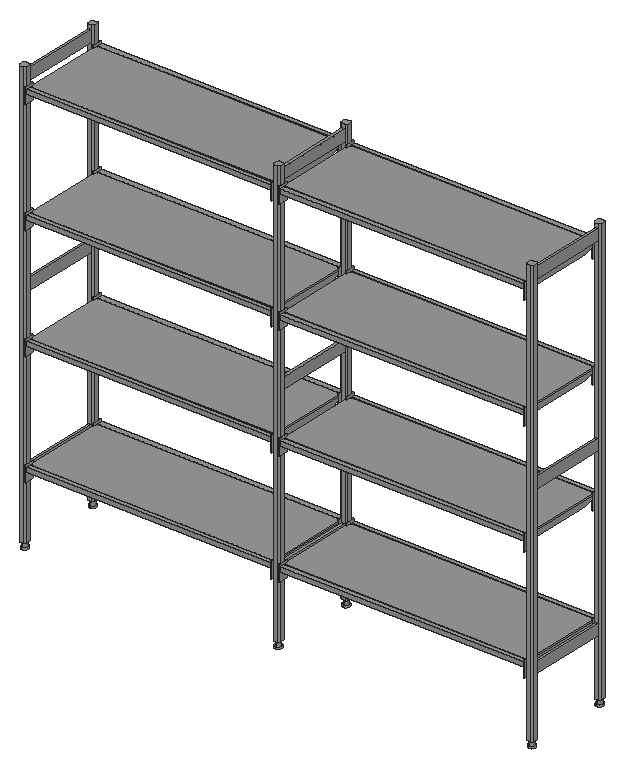
Revit family "QF_ZANUSSI_137024_ALS2048", category Attrezzature speciali, Revit 2020
Family settings
  Quota connettore circolare = Usa diametro
  Tipo di parte = Normale
  Basato su piano di lavoro = No
  Sempre verticale = Sì
  Taglio con vuoti quando caricato = No
  Condiviso = No
  Punto di calcolo locali = No
Parameters (values of type "Standard")
  Weight = 35.00 kg
  Watts = 0 W
  Volts = 0 V
  URL Manufacturer = "http://www.zanussiprofessional.com"
  URL = "http://www.zanussiprofessional.com"
  Steam Supply Size = 0 mm
  Steam Supply Minimum Pressure = 0.0 Pa
  Steam Supply Maximum Pressure = 0.0 Pa
  Steam Consumption per Hour = 0
  Refrigeration Suction Line Size = 0.0 mm
  Refrigeration Liquid Line Size = 0.0 mm
  Refrigerant Compressor Remote = yes
  Prospetto di default = 0.0 mm
  Phase = 0
  Modello = "ALS2048"
  Produttore = "Zanussi"
  Length Actual = 2048.0 mm  # constant formula
  Item Number = "137024"
  Hot Water Size = 0 mm
  Height Actual = 1700.0 mm  # constant formula
  HP = "0 HP"
  Gas Size = 0 mm
  Gas KW = 0
  Gas Input Pressure = 0 W
  Direct Waste Size = 0 mm
  Descrizione = "ALUM.LINEAR SHELV.-POLY.TIERS-373X2048MM"
  Depth Actual = 373.0 mm  # constant formula
  Cycle = 0 Hz
  Condensate Return Size = 0 mm
  Compressed Air Volume = 0.0 L/s
  Compressed Air Size = 0 mm
  Compressed Air Pressure = 0.0 Pa
  Cold Water Size = 0 mm
  Accessory = yes
Reference planes
  plane 1: z = 0
  plane 2 "CenterLeft": x = -31
  plane 3 "LEFT": x = -417
  plane 4 "BACK": y = 23
  plane 5 "FRONT": y = -350
  plane 6 "TOP": z = 1700
  plane 7: x = -385
  plane 8: x = 589
  plane 9 "Center (Front/Back)": y = -163.5
  plane 10: y = -8.5
  plane 11: y = -318.5
  plane 12 "FEET": z = 25
  plane 13: z = 275
  plane 14: z = 725
  plane 15: z = 1175
  plane 16: z = 1625
  plane 17 "CXLeft": x = -403
  plane 18 "Center (Left/Right)": x = 607
  plane 19: y = 5.5
  plane 20 "CYBack": y = 5.5
  plane 21 "CYFront": y = -332.5
  plane 22 "RIGHT": x = 1631
  plane 23: x = 1599
  plane 24 "CXRight": x = 1617
  plane 25: x = 625
Forms (mm)
  Extrusion 1, solid, material "QF_Aluminum"
    sketch origin (-417, 0, -4.006) x (0, 1, 0) y (0, 0, 1)
      loop
        line (-12, 1637.003) -> (4, 1637.003) -> (4, 1655) -> (2.007, 1655) -> (2.007, 1648.501) -> (-329, 1648.501) -> (-329, 1655) -> (-331, 1655) -> (-331, 1637.003) -> (-315, 1637.003) -> (-281, 1625) -> (-46, 1625) -> (-12, 1637.003)
      loop
        line (-12, 1187.003) -> (4, 1187.003) -> (4, 1205) -> (2.007, 1205) -> (2.007, 1198.501) -> (-329, 1198.501) -> (-329, 1205) -> (-331, 1205) -> (-331, 1187.003) -> (-315, 1187.003) -> (-281, 1175) -> (-46, 1175) -> (-12, 1187.003)
      loop
        line (-12, 737.003) -> (4, 737.003) -> (4, 755) -> (2.007, 755) -> (2.007, 748.501) -> (-329, 748.501) -> (-329, 755) -> (-331, 755) -> (-331, 737.003) -> (-315, 737.003) -> (-281, 725) -> (-46, 725) -> (-12, 737.003)
      loop
        line (-12, 287.003) -> (4, 287.003) -> (4, 305) -> (2.007, 305) -> (2.007, 298.501) -> (-329, 298.501) -> (-329, 305) -> (-331, 305) -> (-331, 287.003) -> (-315, 287.003) -> (-281, 275) -> (-46, 275) -> (-12, 287.003)
    from 37 to 32
  Extrusion 2, solid, material "QF_Aluminum"
    sketch origin (-417, 0, 0) x (0, 1, 0) y (0, 0, 1)
      loop
        line (23, 246.005) -> (23, 307.993) -> (-12.993, 307.993) -> (-12.993, 246.005) -> (23, 246.005)
      loop
        line (-350, 246.005) -> (-314.007, 246.005) -> (-314.007, 307.993) -> (-350, 307.993) -> (-350, 246.005)
      loop
        line (23, 696.005) -> (23, 757.993) -> (-12.993, 757.993) -> (-12.993, 696.005) -> (23, 696.005)
      loop
        line (-350, 696.005) -> (-314.007, 696.005) -> (-314.007, 757.993) -> (-350, 757.993) -> (-350, 696.005)
      loop
        line (23, 1146.005) -> (23, 1207.993) -> (-12.993, 1207.993) -> (-12.993, 1146.005) -> (23, 1146.005)
      loop
        line (-350, 1146.005) -> (-314.007, 1146.005) -> (-314.007, 1207.993) -> (-350, 1207.993) -> (-350, 1146.005)
      loop
        line (23, 1596.005) -> (23, 1657.993) -> (-12.993, 1657.993) -> (-12.993, 1596.005) -> (23, 1596.005)
      loop
        line (-350, 1596.005) -> (-314.007, 1596.005) -> (-314.007, 1657.993) -> (-350, 1657.993) -> (-350, 1596.005)
    from 28 to 32
  Extrusion 3, solid, material "QF_Aluminum"
    sketch origin (-417, 0, 0) x (0, 1, 0) y (0, 0, 1)
      loop
        line (4, 1650.994) -> (4, 1632.998) -> (23, 1632.998) -> (23, 1650.994) -> (4, 1650.994)
      loop
        line (-331, 1650.994) -> (-350, 1650.994) -> (-350, 1632.998) -> (-331, 1632.998) -> (-331, 1650.994)
      loop
        line (4, 1200.994) -> (4, 1182.998) -> (23, 1182.998) -> (23, 1200.994) -> (4, 1200.994)
      loop
        line (-331, 1200.994) -> (-350, 1200.994) -> (-350, 1182.998) -> (-331, 1182.998) -> (-331, 1200.994)
      loop
        line (4, 750.994) -> (4, 732.998) -> (23, 732.998) -> (23, 750.994) -> (4, 750.994)
      loop
        line (-331, 750.994) -> (-350, 750.994) -> (-350, 732.998) -> (-331, 732.998) -> (-331, 750.994)
      loop
        line (4, 300.994) -> (4, 282.998) -> (23, 282.998) -> (23, 300.994) -> (4, 300.994)
      loop
        line (-331, 300.994) -> (-350, 300.994) -> (-350, 282.998) -> (-331, 282.998) -> (-331, 300.994)
    from 32 to 1006
  Extrusion 4, solid, material "QF_Polyethylene"
    sketch origin (-417, 0, 0) x (0, 1, 0) y (0, 0, 1)
      loop
        line (2.007, 1650.994) -> (-329, 1650.994) -> (-329, 1644.496) -> (2.007, 1644.496) -> (2.007, 1650.994)
      loop
        line (2.007, 1200.994) -> (-329, 1200.994) -> (-329, 1194.496) -> (2.007, 1194.496) -> (2.007, 1200.994)
      loop
        line (2.007, 750.994) -> (-329, 750.994) -> (-329, 744.496) -> (2.007, 744.496) -> (2.007, 750.994)
      loop
        line (2.007, 300.994) -> (-329, 300.994) -> (-329, 294.496) -> (2.007, 294.496) -> (2.007, 300.994)
    from 32 to 1006
  Extrusion 5, solid, material "QF_Aluminum"
    sketch origin (1631, 0, 0) x (0, 1, 0) y (0, 0, 1)
      loop
        line (4, 1650.994) -> (4, 1632.998) -> (23, 1632.998) -> (23, 1650.994) -> (4, 1650.994)
      loop
        line (-331, 1650.994) -> (-350, 1650.994) -> (-350, 1632.998) -> (-331, 1632.998) -> (-331, 1650.994)
      loop
        line (4, 1200.994) -> (4, 1182.998) -> (23, 1182.998) -> (23, 1200.994) -> (4, 1200.994)
      loop
        line (-331, 1200.994) -> (-350, 1200.994) -> (-350, 1182.998) -> (-331, 1182.998) -> (-331, 1200.994)
      loop
        line (4, 750.994) -> (4, 732.998) -> (23, 732.998) -> (23, 750.994) -> (4, 750.994)
      loop
        line (-331, 750.994) -> (-350, 750.994) -> (-350, 732.998) -> (-331, 732.998) -> (-331, 750.994)
      loop
        line (4, 300.994) -> (4, 282.998) -> (23, 282.998) -> (23, 300.994) -> (4, 300.994)
      loop
        line (-331, 300.994) -> (-350, 300.994) -> (-350, 282.998) -> (-331, 282.998) -> (-331, 300.994)
    from -32 to -1006
  Extrusion 6, solid, material "QF_Polyethylene"
    sketch origin (1631, 0, 0) x (0, 1, 0) y (0, 0, 1)
      loop
        line (2.007, 1650.994) -> (-329, 1650.994) -> (-329, 1644.496) -> (2.007, 1644.496) -> (2.007, 1650.994)
      loop
        line (2.007, 1200.994) -> (-329, 1200.994) -> (-329, 1194.496) -> (2.007, 1194.496) -> (2.007, 1200.994)
      loop
        line (2.007, 750.994) -> (-329, 750.994) -> (-329, 744.496) -> (2.007, 744.496) -> (2.007, 750.994)
      loop
        line (2.007, 300.994) -> (-329, 300.994) -> (-329, 294.496) -> (2.007, 294.496) -> (2.007, 300.994)
    from -32 to -1006
Lines and regions (mm)
  symbolic lines
    curve 1: line (589, 4, 1700) -> (-385, 4, 1700)
    curve 2: line (-408, -8.5, 1700) -> (-408, -318.5, 1700)
    curve 3: line (-398, -318.5, 1700) -> (-398, -8.5, 1700)
    curve 4: line (-389, 23, 1700) -> (593, 23, 1700)
    curve 5: line (-385, -350, 1700) -> (589, -350, 1700)
    curve 6: line (621, 23, 1700) -> (1603, 23, 1700)
    curve 7: line (621, -350, 1700) -> (1603, -350, 1700)
    curve 8: line (-385, -331, 1700) -> (589, -331, 1700)
    curve 9: line (625, -331, 1700) -> (1599, -331, 1700)
    curve 10: line (625, 4, 1700) -> (1599, 4, 1700)
    curve 11: line (1599, -12.993, 1700) -> (1599, -314.007, 1700)
    curve 12: line (589, -12.993, 1700) -> (589, -314.007, 1700)
    curve 13: line (625, -314.007, 1700) -> (625, -12.993, 1700)
    curve 14: line (-385, -12.993, 1700) -> (-385, -314.007, 1700)
Dimensions and locks
  plane 3 "LEFT" to plane 2 "CenterLeft" = 386.0 mm
  locked: plane 6 "TOP" to level at 1700
  locked: plane 4 "BACK" to plane 5 "FRONT" at 373
  locked: plane 7 to plane 8 at 974
  locked: plane 10 to plane 11 at 310
  equal spacing: plane 10, plane 9 "Center (Front/Back)", plane 11
  equal spacing: plane 4 "BACK", plane 9 "Center (Front/Back)", plane 5 "FRONT"
  plane 12 "FEET" to level = 25.0 mm
  plane 6 "TOP" to plane 12 "FEET" = 1675.0 mm
  plane 13 to plane 12 "FEET" = 250.0 mm
  plane 14 to plane 13 = 450.0 mm
  plane 15 to plane 14 = 450.0 mm
  plane 16 to plane 15 = 450.0 mm
  locked: plane 4 "BACK" to plane 20 "CYBack" at 17.5
  locked: plane 21 "CYFront" to plane 5 "FRONT" at 17.5
  locked: plane 4 "BACK" to Extrusion 1 at 19
  locked: Extrusion 1 to plane 5 "FRONT" at 19
  Extrusion 1 sketch curve to plane 21 "CYFront" = 3.5 mm
  plane 3 "LEFT" to plane 22 "RIGHT" = 2048.0 mm
  locked: plane 25 to plane 23 at 974
  locked: plane 8 to plane 18 "Center (Left/Right)" at 18
  locked: plane 18 "Center (Left/Right)" to plane 25 at 18
  locked: plane 3 "LEFT" to plane 7 at 32
  locked: plane 24 "CXRight" to plane 22 "RIGHT" at 14
  aligned and locked: level to plane 1
  aligned and locked: plane 7 to Extrusion 1
  aligned and locked: Extrusion 2 to plane 7
  aligned and locked: plane 7 to Extrusion 4
  aligned and locked: Extrusion 4 to plane 8
  aligned and locked: plane 7 to Extrusion 3
  aligned and locked: Extrusion 3 to plane 8
  aligned and locked: Extrusion 3 sketch curve to Extrusion 1
  aligned and locked: Extrusion 1 to Extrusion 3 sketch curve
  aligned and locked: Extrusion 3 sketch curve to Extrusion 3 sketch curve  (x2)
  aligned and locked: Extrusion 1 sketch curve to Extrusion 1 sketch curve  (x3)
  aligned and locked: Extrusion 4 sketch curve to Extrusion 1  (x4)
  aligned and locked: Extrusion 5 sketch curve to Extrusion 5 sketch curve  (x2)
  aligned and locked: Extrusion 5 to plane 25
  aligned and locked: Extrusion 6 to plane 25
  aligned and locked: plane 18 "Center (Left/Right)" to nested 3
  aligned and locked: plane 17 "CXLeft" to nested 1
  aligned and locked: Extrusion 3 to plane 7  (x3)
  aligned and locked: plane 8 to Extrusion 3  (x4)
  aligned and locked: plane 25 to Extrusion 5  (x4)
  aligned and locked: plane 25 to Extrusion 6  (x4)
  aligned and locked: plane 8 to Extrusion 4  (x4)
  aligned and locked: plane 24 "CXRight" to nested 2
  aligned and locked: Extrusion 5 to plane 23
  aligned and locked: Extrusion 6 to plane 23
  aligned and locked: plane 23 to Extrusion 5  (x3)
  aligned and locked: plane 23 to Extrusion 6  (x3)
Automatic sketch dimensions
  plane 21 "CYFront" to Extrusion 1 sketch curve = 1.5 mm  (x4)
  plane 11 to Extrusion 1 sketch curve = 3.5 mm  (x4)
  Extrusion 1 sketch curve to plane 13 = 4.006 mm
  Extrusion 1 sketch curve to Extrusion 1 sketch curve = 34.0 mm  (x4)
  Extrusion 1 sketch curve to plane 14 = 4.006 mm
  Extrusion 1 sketch curve to plane 15 = 4.006 mm
  Extrusion 1 sketch curve to plane 16 = 4.006 mm
  Extrusion 1 sketch curve to plane 10 = 37.5 mm  (x4)
  Extrusion 1 sketch curve to plane 10 = 3.5 mm  (x4)
  plane 19 to Extrusion 1 sketch curve = 3.493 mm  (x4)
  plane 19 to Extrusion 1 sketch curve = 1.5 mm  (x4)
  plane 13 to Extrusion 1 sketch curve = 7.998 mm  (x2)
  Extrusion 1 sketch curve to Extrusion 1 sketch curve = 11.498 mm  (x4)
  Extrusion 1 sketch curve to Extrusion 1 sketch curve = 6.499 mm  (x8)
  plane 14 to Extrusion 1 sketch curve = 7.998 mm  (x2)
  plane 15 to Extrusion 1 sketch curve = 7.998 mm  (x2)
  plane 16 to Extrusion 1 sketch curve = 7.998 mm  (x2)
  Extrusion 2 sketch curve to plane 5 "FRONT" = 0.0 mm  (x4)
  Extrusion 2 sketch curve to plane 4 "BACK" = 0.0 mm  (x4)
  plane 11 to Extrusion 2 sketch curve = 4.493 mm  (x4)
  Extrusion 2 sketch curve to plane 10 = 4.493 mm  (x4)
  Extrusion 2 sketch curve to plane 13 = 28.995 mm  (x2)
  plane 13 to Extrusion 2 sketch curve = 32.993 mm  (x2)
  Extrusion 2 sketch curve to plane 14 = 28.995 mm  (x2)
  plane 14 to Extrusion 2 sketch curve = 32.993 mm  (x2)
  Extrusion 2 sketch curve to plane 15 = 28.995 mm  (x2)
  plane 15 to Extrusion 2 sketch curve = 32.993 mm  (x2)
  Extrusion 2 sketch curve to plane 16 = 28.995 mm  (x2)
  plane 16 to Extrusion 2 sketch curve = 32.993 mm  (x2)
  Extrusion 3 sketch curve to plane 5 "FRONT" = 0.0 mm  (x4)
  Extrusion 3 sketch curve to plane 4 "BACK" = 0.0 mm  (x4)
  plane 19 to Extrusion 3 sketch curve = 1.5 mm  (x4)
  plane 13 to Extrusion 3 sketch curve = 7.998 mm  (x2)
  Extrusion 3 sketch curve to Extrusion 3 sketch curve = 17.997 mm  (x8)
  plane 14 to Extrusion 3 sketch curve = 7.998 mm  (x2)
  plane 15 to Extrusion 3 sketch curve = 7.998 mm  (x2)
  plane 16 to Extrusion 3 sketch curve = 7.998 mm  (x2)
  plane 19 to Extrusion 4 sketch curve = 3.493 mm  (x4)
  plane 13 to Extrusion 4 sketch curve = 19.496 mm
  Extrusion 4 sketch curve to Extrusion 4 sketch curve = 6.499 mm  (x4)
  plane 14 to Extrusion 4 sketch curve = 19.496 mm
  plane 15 to Extrusion 4 sketch curve = 19.496 mm
  plane 16 to Extrusion 4 sketch curve = 19.496 mm
  Extrusion 5 sketch curve to plane 5 "FRONT" = 0.0 mm  (x4)
  Extrusion 5 sketch curve to plane 4 "BACK" = 0.0 mm  (x4)
  plane 21 "CYFront" to Extrusion 5 sketch curve = 1.5 mm  (x2)
  plane 19 to Extrusion 5 sketch curve = 1.5 mm  (x4)
  plane 13 to Extrusion 5 sketch curve = 7.998 mm  (x2)
  Extrusion 5 sketch curve to Extrusion 5 sketch curve = 17.997 mm  (x8)
  plane 14 to Extrusion 5 sketch curve = 7.998 mm  (x2)
  plane 15 to Extrusion 5 sketch curve = 7.998 mm  (x2)
  plane 16 to Extrusion 5 sketch curve = 7.998 mm  (x2)
  plane 21 "CYFront" to Extrusion 6 sketch curve = 3.5 mm  (x4)
  plane 19 to Extrusion 6 sketch curve = 3.493 mm  (x4)
  plane 13 to Extrusion 6 sketch curve = 19.496 mm
  Extrusion 6 sketch curve to Extrusion 6 sketch curve = 6.499 mm  (x4)
  plane 14 to Extrusion 6 sketch curve = 19.496 mm
  plane 15 to Extrusion 6 sketch curve = 19.496 mm
  plane 16 to Extrusion 6 sketch curve = 19.496 mm
  curve 7 to plane 5 "FRONT" = 0.0 mm
  curve 5 to plane 5 "FRONT" = 0.0 mm
  curve 8 to plane 8 = 0.0 mm
  curve 9 to plane 25 = 0.0 mm
  curve 9 to plane 23 = 0.0 mm
  curve 8 to plane 7 = 0.0 mm
  curve 2 to plane 11 = 0.0 mm
  curve 3 to plane 11 = 0.0 mm
  curve 14 to plane 7 = 0.0 mm
  curve 13 to plane 25 = 0.0 mm
  curve 12 to plane 8 = 0.0 mm
  curve 11 to plane 23 = 0.0 mm
  curve 3 to plane 10 = 0.0 mm
  curve 2 to plane 10 = 0.0 mm
  curve 1 to plane 8 = 0.0 mm
  curve 1 to plane 7 = 0.0 mm
  curve 10 to plane 23 = 0.0 mm
  curve 10 to plane 25 = 0.0 mm
  curve 4 to plane 4 "BACK" = 0.0 mm
  curve 6 to plane 4 "BACK" = 0.0 mm
  curve 5 to plane 8 = 0.0 mm
  curve 5 to plane 7 = 0.0 mm
  plane 21 "CYFront" to curve 8 = 1.5 mm
  plane 21 "CYFront" to curve 9 = 1.5 mm
  plane 11 to curve 14 = 4.493 mm
  plane 11 to curve 13 = 4.493 mm
  plane 11 to curve 12 = 4.493 mm
  plane 11 to curve 11 = 4.493 mm
  curve 14 to plane 10 = 4.493 mm
  curve 13 to plane 10 = 4.493 mm
  curve 12 to plane 10 = 4.493 mm
  curve 11 to plane 10 = 4.493 mm
  plane 19 to curve 1 = 1.5 mm
  plane 19 to curve 10 = 1.5 mm
  curve 6 to plane 23 = 4.0 mm
  curve 7 to plane 23 = 4.0 mm
  curve 6 to plane 25 = 4.0 mm
  curve 7 to plane 25 = 4.0 mm
  curve 4 to plane 8 = 4.0 mm
  plane 7 to curve 4 = 4.0 mm
  plane 17 "CXLeft" to curve 3 = 5.0 mm
  curve 2 to plane 17 "CXLeft" = 5.0 mm
Nested families
  nested 1: "WT_Anta373" at (0, 0, 0), type "WT_Anta373"
  nested 2: "WT_Anta373" at (1214, 0, 0) x (-1, 0, 0) z (0, 0, 1), type "WT_Anta373"
  nested 3: "WT_Anta373Center" at (1010, 0, 0), type "WT_Anta373Center"
Definition of nested family "WT_Anta373"
  Parameters
    WidthLeft = A + 64.0 mm  # 772.0 mm
    Width = 1606.0 mm
    Right = WidthLeft / 2  # 386.0 mm
    Default Elevation = 0.0 mm
    Left = -WidthLeft / 2  # -386.0 mm
    Height = 1725.0 mm
    FEET = 25.0 mm
    E = 0.0 mm
    Dint = Depth - 63.0 mm  # 310.0 mm
    Dext = Depth - 8.0 mm  # 365.0 mm
    Depth = 373.0 mm
    DX = (WidthLeft - A) / 2  # 32.0 mm
    B = 798.0 mm
    A = 708.0 mm
  Reference planes
    plane 1: z = 0
    plane 2 "LEFT": x = -417
    plane 3 "BACK": y = 23
    plane 4 "FRONT": y = -350
    plane 5 "TOP": z = 1725
    plane 6 "Center (Front/Back)": y = -163.5
    plane 7: y = -8.5
    plane 8: y = -318.5
    plane 9 "FEET": z = 25
    plane 10: z = 275
    plane 11: z = 725
    plane 12: z = 1175
    plane 13: z = 1625
    plane 14 "CXLeft": x = -403
    plane 15: y = 5.5
    plane 16 "CYBack": y = 5.5
    plane 17 "CYFront": y = -332.5
    plane 18: x = -385.031
    plane 19: x = -380.031
  Forms (mm)
    Extrusion 1, solid
      sketch origin (0, 0, 0) x (1, 0, 0) y (0, 1, 0)
        loop
          line (-417, 13.246) -> (-417, -2.246) -> (-410.746, -8.5) -> (-395.254, -8.5) -> (-389, -2.246) -> (-389, 13.246) -> (-395.254, 19.5) -> (-410.746, 19.5) -> (-417, 13.246)
      from 1725 to 25
    Extrusion 2, solid
      sketch origin (-417, 0, 0) x (0, 1, 0) y (0, 0, 1)
        loop
          line (23, 246.005) -> (23, 307.993) -> (-12.993, 307.993) -> (-12.993, 246.005) -> (23, 246.005)
        loop
          line (-350, 246.005) -> (-314.007, 246.005) -> (-314.007, 307.993) -> (-350, 307.993) -> (-350, 246.005)
        loop
          line (23, 696.005) -> (23, 757.993) -> (-12.993, 757.993) -> (-12.993, 696.005) -> (23, 696.005)
        loop
          line (-350, 696.005) -> (-314.007, 696.005) -> (-314.007, 757.993) -> (-350, 757.993) -> (-350, 696.005)
        loop
          line (23, 1146.005) -> (23, 1207.993) -> (-12.993, 1207.993) -> (-12.993, 1146.005) -> (23, 1146.005)
        loop
          line (-350, 1146.005) -> (-314.007, 1146.005) -> (-314.007, 1207.993) -> (-350, 1207.993) -> (-350, 1146.005)
        loop
          line (23, 1596.005) -> (23, 1657.993) -> (-12.993, 1657.993) -> (-12.993, 1596.005) -> (23, 1596.005)
        loop
          line (-350, 1596.005) -> (-314.007, 1596.005) -> (-314.007, 1657.993) -> (-350, 1657.993) -> (-350, 1596.005)
      from 28 to 32
    Revolve 3, solid
      sketch origin (-403, 0, 0) x (0, 1, 0) y (0, 0, 1)
        loop
          line (5.5, 25) -> (5.5, 0) -> (19, 0) -> (19, 5) -> (14, 5) -> (14, 25) -> (5.5, 25)
        axis (5.5, 25) -> (5.5, 0)
      angle from 0 to 360
    Extrusion 4, solid
      sketch origin (-403, 0, 0) x (0, 1, 0) y (0, 0, 1)
        loop
          line (-8.5, 912.382) -> (-8.5, 957.374) -> (-318.5, 957.374) -> (-318.5, 912.382) -> (-8.5, 912.382)
        loop
          line (-8.5, 1662.244) -> (-8.5, 1707.236) -> (-318.5, 1707.236) -> (-318.5, 1662.244) -> (-8.5, 1662.244)
      from -5 to 5
    Revolve 5, solid
      sketch origin (-403, -627, 0) x (0, -1, 0) y (0, 0, 1)
        loop
          line (-294.5, 25) -> (-294.5, 0) -> (-281, 0) -> (-281, 5) -> (-286, 5) -> (-286, 25) -> (-294.5, 25)
        axis (-294.5, 25) -> (-294.5, 0)
      angle from 0 to 360
    Extrusion 6, solid
      sketch origin (0, -627, 0) x (1, 0, 0) y (0, 1, 0)
        loop
          line (-417, 286.754) -> (-410.746, 280.5) -> (-395.254, 280.5) -> (-389, 286.754) -> (-389, 302.246) -> (-395.254, 308.5) -> (-410.746, 308.5) -> (-417, 302.246) -> (-417, 286.754)
      from 1725 to 25
    Extrusion 7, solid
      sketch origin (-417.031, -0.022, 0) x (0, 1, 0) y (0, 0, -1)
        loop
          line (-12, -1632.998) -> (-46, -1620.994) -> (-281, -1620.994) -> (-315, -1632.998) -> (-331, -1632.998) -> (-331, -1650.994) -> (-329, -1650.994) -> (-329, -1644.496) -> (2.007, -1644.496) -> (2.007, -1650.994) -> (4, -1650.994) -> (4, -1632.998) -> (-12, -1632.998)
        loop
          line (-12, -1182.998) -> (-46, -1170.994) -> (-281, -1170.994) -> (-315, -1182.998) -> (-331, -1182.998) -> (-331, -1200.994) -> (-329, -1200.994) -> (-329, -1194.496) -> (2.007, -1194.496) -> (2.007, -1200.994) -> (4, -1200.994) -> (4, -1182.998) -> (-12, -1182.998)
        loop
          line (-12, -732.998) -> (-46, -720.994) -> (-281, -720.994) -> (-315, -732.998) -> (-331, -732.998) -> (-331, -750.994) -> (-329, -750.994) -> (-329, -744.496) -> (2.007, -744.496) -> (2.007, -750.994) -> (4, -750.994) -> (4, -732.998) -> (-12, -732.998)
        loop
          line (-12, -282.998) -> (-46, -270.994) -> (-281, -270.994) -> (-315, -282.998) -> (-331, -282.998) -> (-331, -300.994) -> (-329, -300.994) -> (-329, -294.496) -> (2.007, -294.496) -> (2.007, -300.994) -> (4, -300.994) -> (4, -282.998) -> (-12, -282.998)
      from -32 to -37
    Extrusion 8, solid
      sketch origin (-403, 0, -659.878) x (0, 1, 0) y (0, 0, 1)
        loop
          line (-8.5, 912.382) -> (-8.5, 957.374) -> (-318.5, 957.374) -> (-318.5, 912.382) -> (-8.5, 912.382)
        loop
          line (-8.5, 1572.382) -> (-8.5, 1617.374) -> (-318.5, 1617.374) -> (-318.5, 1572.382) -> (-8.5, 1572.382)
        loop
          line (-8.5, 2322.382) -> (-8.5, 2367.374) -> (-318.5, 2367.374) -> (-318.5, 2322.382) -> (-8.5, 2322.382)
      from -5 to 5
  Lines and regions (mm)
    symbolic lines
      curve 1: line (-408, -8.5, 1725) -> (-408, -318.5, 1725)
      curve 2: line (-398, -318.5, 1725) -> (-398, -8.5, 1725)
      curve 3: line (-395.254, -8.5, 1725) -> (-410.746, -8.5, 1725)
      curve 4: line (-417, -2.246, 1725) -> (-410.746, -8.5, 1725)
      curve 5: line (-417, 13.246, 1725) -> (-417, -2.246, 1725)
      curve 6: line (-410.746, 19.5, 1725) -> (-417, 13.246, 1725)
      curve 7: line (-395.254, 19.5, 1725) -> (-410.746, 19.5, 1725)
      curve 8: line (-389, 13.246, 1725) -> (-395.254, 19.5, 1725)
      curve 9: line (-395.254, -8.5, 1725) -> (-389, -2.246, 1725)
      curve 10: line (-395.254, -318.5, 1725) -> (-410.746, -318.5, 1725)
      curve 11: line (-417, -324.754, 1725) -> (-410.746, -318.5, 1725)
      curve 12: line (-410.746, -346.5, 1725) -> (-417, -340.246, 1725)
      curve 13: line (-395.254, -346.5, 1725) -> (-410.746, -346.5, 1725)
      curve 14: line (-389, -340.246, 1725) -> (-395.254, -346.5, 1725)
      curve 15: line (-395.254, -318.5, 1725) -> (-389, -324.754, 1725)
      curve 16: line (-389, -350, 1725) -> (-389, -314.007, 1725)
      curve 17: line (-389, -314.007, 1725) -> (-385, -314.007, 1725)
      curve 18: line (-389, 23, 1725) -> (-389, -12.993, 1725)
      curve 19: line (-389, -12.993, 1725) -> (-385, -12.993, 1725)
      curve 20: line (-417, -324.754, 1725) -> (-417, -340.246, 1725)
      curve 21: line (-385, -350, 1725) -> (-385, -314.007, 1725)
      curve 22: line (-385, -350, 1725) -> (-389, -350, 1725)
      curve 23: line (-385, 23, 1725) -> (-389, 23, 1725)
      curve 24: line (-385, -12.993, 1725) -> (-385, 23, 1725)
      curve 25: line (-385.031, -13.016, 1725) -> (-385.031, -314.029, 1725)
  Dimensions and locks
    "Height": plane 5 "TOP" to level
    "Depth": plane 3 "BACK" to plane 4 "FRONT"
    "Dint": plane 7 to plane 8
    equal spacing: plane 7, plane 6 "Center (Front/Back)", plane 8
    equal spacing: plane 3 "BACK", plane 6 "Center (Front/Back)", plane 4 "FRONT"
    plane 9 "FEET" to level = 25.0 mm
    plane 5 "TOP" to plane 9 "FEET" = 1700.0 mm
    plane 10 to plane 9 "FEET" = 250.0 mm
    plane 11 to plane 10 = 450.0 mm
    plane 12 to plane 11 = 450.0 mm
    plane 13 to plane 12 = 450.0 mm
    locked: plane 2 "LEFT" to plane 14 "CXLeft" at 14
    locked: plane 3 "BACK" to plane 16 "CYBack" at 17.5
    locked: plane 17 "CYFront" to plane 4 "FRONT" at 17.5
    locked: Revolve 3 sketch curve to Revolve 3 sketch curve at 8.5
    locked: Revolve 3 sketch curve to plane 16 "CYBack" at 13.5
    locked: Revolve 5 sketch curve to Revolve 5 sketch curve at 8.5
    aligned and locked: level to plane 1
    aligned and locked: curve 20 to Extrusion 6
    aligned and locked: plane 5 "TOP" to Extrusion 1
    aligned and locked: plane 5 "TOP" to Extrusion 6
    aligned and locked: Extrusion 7 sketch curve to Extrusion 7 sketch curve  (x3)
  Automatic sketch dimensions
    curve 16 to plane 4 "FRONT" = 0.0 mm
    curve 11 to plane 8 = 0.0 mm
    curve 9 to plane 7 = 0.0 mm
    curve 5 to plane 2 "LEFT" = 0.0 mm
    curve 23 to plane 3 "BACK" = 0.0 mm
    plane 4 "FRONT" to curve 13 = 3.5 mm
    curve 20 to plane 17 "CYFront" = 7.746 mm
    curve 20 to plane 8 = 6.254 mm
    plane 8 to curve 16 = 4.493 mm
    curve 24 to plane 18 = 0.031 mm
    curve 24 to plane 7 = 4.493 mm
    plane 7 to curve 5 = 6.254 mm
    curve 5 to plane 15 = 7.746 mm
    curve 6 to plane 3 "BACK" = 3.5 mm
    curve 21 to plane 18 = 0.031 mm
    plane 18 to curve 23 = 3.969 mm
    plane 18 to curve 16 = 3.969 mm
    curve 18 to curve 8 = 6.254 mm
    curve 18 to curve 3 = 6.254 mm
    curve 16 to curve 13 = 6.254 mm
    curve 16 to curve 15 = 6.254 mm
    plane 2 "LEFT" to curve 10 = 6.254 mm
    plane 2 "LEFT" to curve 7 = 6.254 mm
    plane 2 "LEFT" to curve 12 = 6.254 mm
    plane 2 "LEFT" to curve 3 = 6.254 mm
    curve 14 to plane 17 "CYFront" = 7.746 mm
    curve 15 to plane 8 = 6.254 mm
    plane 7 to curve 9 = 6.254 mm
    curve 8 to plane 15 = 7.746 mm
    curve 3 to curve 2 = 2.746 mm
    curve 1 to curve 10 = 2.746 mm
    Extrusion 1 sketch curve to plane 2 "LEFT" = 0.0 mm
    Extrusion 1 sketch curve to plane 7 = 0.0 mm
    plane 2 "LEFT" to Extrusion 1 sketch curve = 6.254 mm  (x2)
    plane 14 "CXLeft" to Extrusion 1 sketch curve = 7.746 mm  (x2)
    Extrusion 1 sketch curve to plane 3 "BACK" = 3.5 mm
    plane 18 to Extrusion 1 sketch curve = 3.969 mm
    plane 7 to Extrusion 1 sketch curve = 6.254 mm  (x2)
    Extrusion 1 sketch curve to plane 15 = 7.746 mm  (x2)
    Extrusion 2 sketch curve to plane 4 "FRONT" = 0.0 mm  (x4)
    Extrusion 2 sketch curve to plane 3 "BACK" = 0.0 mm  (x4)
    plane 8 to Extrusion 2 sketch curve = 4.493 mm  (x4)
    Extrusion 2 sketch curve to plane 7 = 4.493 mm  (x4)
    Extrusion 2 sketch curve to plane 10 = 28.995 mm  (x2)
    plane 10 to Extrusion 2 sketch curve = 32.993 mm  (x2)
    Extrusion 2 sketch curve to plane 11 = 28.995 mm  (x2)
    plane 11 to Extrusion 2 sketch curve = 32.993 mm  (x2)
    Extrusion 2 sketch curve to plane 12 = 28.995 mm  (x2)
    plane 12 to Extrusion 2 sketch curve = 32.993 mm  (x2)
    Extrusion 2 sketch curve to plane 13 = 28.995 mm  (x2)
    plane 13 to Extrusion 2 sketch curve = 32.993 mm  (x2)
    Revolve 3 sketch curve to plane 9 "FEET" = 0.0 mm  (x2)
    Revolve 3 sketch curve to plane 15 = 0.0 mm  (x2)
    Revolve 3 sketch curve to level = 0.0 mm
    level to Revolve 3 sketch curve = 5.0 mm
    Revolve 3 sketch curve to Revolve 3 sketch curve = 11.655 mm
    Extrusion 4 sketch curve to plane 8 = 0.0 mm  (x2)
    Extrusion 4 sketch curve to plane 7 = 0.0 mm  (x2)
    plane 11 to Extrusion 4 sketch curve = 187.382 mm
    Extrusion 4 sketch curve to Extrusion 4 sketch curve = 44.992 mm
    plane 13 to Extrusion 4 sketch curve = 37.244 mm
    Extrusion 4 sketch curve to plane 5 "TOP" = 17.764 mm
    Revolve 5 sketch curve to plane 9 "FEET" = 0.0 mm  (x2)
    Revolve 5 sketch curve to plane 17 "CYFront" = 0.0 mm  (x2)
    Revolve 5 sketch curve to level = 0.0 mm
    Revolve 5 sketch curve to plane 4 "FRONT" = 4.0 mm
    Revolve 5 sketch curve to Revolve 5 sketch curve = 5.0 mm
    level to Revolve 5 sketch curve = 11.655 mm
    Extrusion 6 sketch curve to plane 2 "LEFT" = 0.0 mm
    Extrusion 6 sketch curve to plane 8 = 0.0 mm
    Extrusion 6 sketch curve to plane 2 "LEFT" = 6.254 mm  (x2)
    Extrusion 6 sketch curve to plane 14 "CXLeft" = 7.746 mm  (x2)
    Extrusion 6 sketch curve to plane 4 "FRONT" = 3.5 mm
    Extrusion 6 sketch curve to plane 18 = 3.969 mm
    plane 8 to Extrusion 6 sketch curve = 6.254 mm  (x2)
    plane 17 "CYFront" to Extrusion 6 sketch curve = 7.746 mm  (x2)
    plane 17 "CYFront" to Extrusion 7 sketch curve = 1.478 mm  (x4)
    Extrusion 7 sketch curve to Extrusion 7 sketch curve = 2.0 mm
    plane 8 to Extrusion 7 sketch curve = 3.478 mm  (x4)
    Extrusion 7 sketch curve to plane 10 = 4.006 mm
    Extrusion 7 sketch curve to Extrusion 7 sketch curve = 34.0 mm  (x4)
    Extrusion 7 sketch curve to plane 11 = 4.006 mm
    Extrusion 7 sketch curve to plane 12 = 4.006 mm
    Extrusion 7 sketch curve to plane 13 = 4.006 mm
    Extrusion 7 sketch curve to plane 7 = 37.522 mm  (x4)
    Extrusion 7 sketch curve to plane 7 = 3.522 mm  (x4)
    plane 15 to Extrusion 7 sketch curve = 3.516 mm  (x4)
    plane 15 to Extrusion 7 sketch curve = 1.522 mm  (x4)
    plane 13 to Extrusion 7 sketch curve = 7.998 mm  (x2)
    Extrusion 7 sketch curve to Extrusion 7 sketch curve = 11.498 mm
    Extrusion 7 sketch curve to Extrusion 7 sketch curve = 6.499 mm  (x5)
    plane 12 to Extrusion 7 sketch curve = 25.994 mm  (x2)
    plane 12 to Extrusion 7 sketch curve = 7.998 mm  (x2)
    plane 11 to Extrusion 7 sketch curve = 25.994 mm  (x2)
    plane 11 to Extrusion 7 sketch curve = 7.998 mm  (x2)
    plane 10 to Extrusion 7 sketch curve = 25.994 mm  (x2)
    plane 10 to Extrusion 7 sketch curve = 7.998 mm  (x2)
    curve 25 to plane 18 = 0.0 mm
    plane 8 to curve 25 = 4.471 mm
    curve 25 to plane 7 = 4.516 mm
    Extrusion 8 sketch curve to plane 8 = 0.0 mm  (x3)
    Extrusion 8 sketch curve to plane 7 = 0.0 mm  (x3)
    Extrusion 8 sketch curve to plane 10 = 22.496 mm
    plane 10 to Extrusion 8 sketch curve = 22.496 mm
    plane 11 to Extrusion 8 sketch curve = 187.504 mm
    Extrusion 8 sketch curve to Extrusion 8 sketch curve = 44.992 mm
    plane 13 to Extrusion 8 sketch curve = 37.504 mm
    Extrusion 8 sketch curve to plane 5 "TOP" = 17.504 mm
Definition of nested family "WT_Anta373Center"
  Parameters
    WidthLeft = A + 64.0 mm  # 772.0 mm
    Width = 1606.0 mm
    Right = WidthLeft / 2  # 386.0 mm
    Default Elevation = 0.0 mm
    Left = -WidthLeft / 2  # -386.0 mm
    Height = 1725.0 mm
    FEET = 25.0 mm
    E = 0.0 mm
    Dint = Depth - 63.0 mm  # 310.0 mm
    Dext = Depth - 8.0 mm  # 365.0 mm
    Depth = 373.0 mm
    DX = (WidthLeft - A) / 2  # 32.0 mm
    B = 798.0 mm
    A = 708.0 mm
  Reference planes
    plane 1: z = 0
    plane 2 "L": x = -417
    plane 3 "BACK": y = 23
    plane 4 "FRONT": y = -350
    plane 5 "TOP": z = 1725
    plane 6 "Center (Front/Back)": y = -163.5
    plane 7: y = -8.5
    plane 8: y = -318.5
    plane 9 "FEET": z = 25
    plane 10: z = 275
    plane 11: z = 725
    plane 12: z = 1175
    plane 13: z = 1625
    plane 14 "CXLeft": x = -403
    plane 15: y = 5.5
    plane 16 "CYBack": y = 5.5
    plane 17 "CYFront": y = -332.5
    plane 18: x = -385.031
    plane 19 "RIGHT": x = -380.031
    plane 20: x = -420.969
    plane 21 "LEFT": x = -425.969
  Forms (mm)
    Extrusion 1, solid
      sketch origin (0, 0, 0) x (1, 0, 0) y (0, 1, 0)
        loop
          line (-417, 13.246) -> (-417, -2.246) -> (-410.746, -8.5) -> (-395.254, -8.5) -> (-389, -2.246) -> (-389, 13.246) -> (-395.254, 19.5) -> (-410.746, 19.5) -> (-417, 13.246)
      from 1725 to 25
    Extrusion 2, solid
      sketch origin (-417, 0, 0) x (0, 1, 0) y (0, 0, 1)
        loop
          line (23, 246.005) -> (23, 307.993) -> (-12.993, 307.993) -> (-12.993, 246.005) -> (23, 246.005)
        loop
          line (-350, 246.005) -> (-314.007, 246.005) -> (-314.007, 307.993) -> (-350, 307.993) -> (-350, 246.005)
        loop
          line (23, 696.005) -> (23, 757.993) -> (-12.993, 757.993) -> (-12.993, 696.005) -> (23, 696.005)
        loop
          line (-350, 696.005) -> (-314.007, 696.005) -> (-314.007, 757.993) -> (-350, 757.993) -> (-350, 696.005)
        loop
          line (23, 1146.005) -> (23, 1207.993) -> (-12.993, 1207.993) -> (-12.993, 1146.005) -> (23, 1146.005)
        loop
          line (-350, 1146.005) -> (-314.007, 1146.005) -> (-314.007, 1207.993) -> (-350, 1207.993) -> (-350, 1146.005)
        loop
          line (23, 1596.005) -> (23, 1657.993) -> (-12.993, 1657.993) -> (-12.993, 1596.005) -> (23, 1596.005)
        loop
          line (-350, 1596.005) -> (-314.007, 1596.005) -> (-314.007, 1657.993) -> (-350, 1657.993) -> (-350, 1596.005)
      from 28 to 32
    Revolve 3, solid
      sketch origin (-403, 0, 0) x (0, 1, 0) y (0, 0, 1)
        loop
          line (5.5, 25) -> (5.5, 0) -> (19, 0) -> (19, 5) -> (14, 5) -> (14, 25) -> (5.5, 25)
        axis (5.5, 25) -> (5.5, 0)
      angle from 0 to 360
    Extrusion 4, solid
      sketch origin (-403, 0, 0) x (0, 1, 0) y (0, 0, 1)
        loop
          line (-8.5, 912.382) -> (-8.5, 957.374) -> (-318.5, 957.374) -> (-318.5, 912.382) -> (-8.5, 912.382)
        loop
          line (-8.5, 1662.244) -> (-8.5, 1707.236) -> (-318.5, 1707.236) -> (-318.5, 1662.244) -> (-8.5, 1662.244)
      from -5 to 5
    Revolve 5, solid
      sketch origin (-403, -627, 0) x (0, -1, 0) y (0, 0, 1)
        loop
          line (-294.5, 25) -> (-294.5, 0) -> (-281, 0) -> (-281, 5) -> (-286, 5) -> (-286, 25) -> (-294.5, 25)
        axis (-294.5, 25) -> (-294.5, 0)
      angle from 0 to 360
    Extrusion 6, solid
      sketch origin (0, -627, 0) x (1, 0, 0) y (0, 1, 0)
        loop
          line (-417, 286.754) -> (-410.746, 280.5) -> (-395.254, 280.5) -> (-389, 286.754) -> (-389, 302.246) -> (-395.254, 308.5) -> (-410.746, 308.5) -> (-417, 302.246) -> (-417, 286.754)
      from 1725 to 25
    Extrusion 7, solid
      sketch origin (-417.031, -0.022, 0) x (0, 1, 0) y (0, 0, -1)
        loop
          line (-12, -1632.998) -> (-46, -1620.994) -> (-281, -1620.994) -> (-315, -1632.998) -> (-331, -1632.998) -> (-331, -1650.994) -> (-329, -1650.994) -> (-329, -1644.496) -> (2.007, -1644.496) -> (2.007, -1650.994) -> (4, -1650.994) -> (4, -1632.998) -> (-12, -1632.998)
        loop
          line (-12, -1182.998) -> (-46, -1170.994) -> (-281, -1170.994) -> (-315, -1182.998) -> (-331, -1182.998) -> (-331, -1200.994) -> (-329, -1200.994) -> (-329, -1194.496) -> (2.007, -1194.496) -> (2.007, -1200.994) -> (4, -1200.994) -> (4, -1182.998) -> (-12, -1182.998)
        loop
          line (-12, -732.998) -> (-46, -720.994) -> (-281, -720.994) -> (-315, -732.998) -> (-331, -732.998) -> (-331, -750.994) -> (-329, -750.994) -> (-329, -744.496) -> (2.007, -744.496) -> (2.007, -750.994) -> (4, -750.994) -> (4, -732.998) -> (-12, -732.998)
        loop
          line (-12, -282.998) -> (-46, -270.994) -> (-281, -270.994) -> (-315, -282.998) -> (-331, -282.998) -> (-331, -300.994) -> (-329, -300.994) -> (-329, -294.496) -> (2.007, -294.496) -> (2.007, -300.994) -> (4, -300.994) -> (4, -282.998) -> (-12, -282.998)
      from -32 to -37
    Extrusion 8, solid
      sketch origin (-403, 0, -659.878) x (0, 1, 0) y (0, 0, 1)
        loop
          line (-8.5, 912.382) -> (-8.5, 957.374) -> (-318.5, 957.374) -> (-318.5, 912.382) -> (-8.5, 912.382)
        loop
          line (-8.5, 1572.382) -> (-8.5, 1617.374) -> (-318.5, 1617.374) -> (-318.5, 1572.382) -> (-8.5, 1572.382)
        loop
          line (-8.5, 2322.382) -> (-8.5, 2367.374) -> (-318.5, 2367.374) -> (-318.5, 2322.382) -> (-8.5, 2322.382)
      from -5 to 5
    Extrusion 9, solid
      sketch origin (-389, 0, 0) x (0, 1, 0) y (0, 0, -1)
        loop
          line (23, -246.005) -> (-12.993, -246.005) -> (-12.993, -307.993) -> (23, -307.993) -> (23, -246.005)
        loop
          line (-350, -246.005) -> (-350, -307.993) -> (-314.007, -307.993) -> (-314.007, -246.005) -> (-350, -246.005)
        loop
          line (23, -696.005) -> (-12.993, -696.005) -> (-12.993, -757.993) -> (23, -757.993) -> (23, -696.005)
        loop
          line (-350, -696.005) -> (-350, -757.993) -> (-314.007, -757.993) -> (-314.007, -696.005) -> (-350, -696.005)
        loop
          line (23, -1146.005) -> (-12.993, -1146.005) -> (-12.993, -1207.993) -> (23, -1207.993) -> (23, -1146.005)
        loop
          line (-350, -1146.005) -> (-350, -1207.993) -> (-314.007, -1207.993) -> (-314.007, -1146.005) -> (-350, -1146.005)
        loop
          line (23, -1596.005) -> (-12.993, -1596.005) -> (-12.993, -1657.993) -> (23, -1657.993) -> (23, -1596.005)
        loop
          line (-350, -1596.005) -> (-350, -1657.993) -> (-314.007, -1657.993) -> (-314.007, -1596.005) -> (-350, -1596.005)
      from 28 to 32
    Extrusion 10, solid
      sketch origin (-388.969, -0.022, 0) x (0, 1, 0) y (0, 0, 1)
        loop
          line (-12, 1632.998) -> (4, 1632.998) -> (4, 1650.994) -> (2.007, 1650.994) -> (2.007, 1644.496) -> (-329, 1644.496) -> (-329, 1650.994) -> (-331, 1650.994) -> (-331, 1632.998) -> (-315, 1632.998) -> (-281, 1620.994) -> (-46, 1620.994) -> (-12, 1632.998)
        loop
          line (-12, 1182.998) -> (4, 1182.998) -> (4, 1200.994) -> (2.007, 1200.994) -> (2.007, 1194.496) -> (-329, 1194.496) -> (-329, 1200.994) -> (-331, 1200.994) -> (-331, 1182.998) -> (-315, 1182.998) -> (-281, 1170.994) -> (-46, 1170.994) -> (-12, 1182.998)
        loop
          line (-12, 732.998) -> (4, 732.998) -> (4, 750.994) -> (2.007, 750.994) -> (2.007, 744.496) -> (-329, 744.496) -> (-329, 750.994) -> (-331, 750.994) -> (-331, 732.998) -> (-315, 732.998) -> (-281, 720.994) -> (-46, 720.994) -> (-12, 732.998)
        loop
          line (-12, 282.998) -> (4, 282.998) -> (4, 300.994) -> (2.007, 300.994) -> (2.007, 294.496) -> (-329, 294.496) -> (-329, 300.994) -> (-331, 300.994) -> (-331, 282.998) -> (-315, 282.998) -> (-281, 270.994) -> (-46, 270.994) -> (-12, 282.998)
      from -32 to -37
  Lines and regions (mm)
    symbolic lines
      curve 1: line (-408, -8.5, 1725) -> (-408, -318.5, 1725)
      curve 2: line (-398, -318.5, 1725) -> (-398, -8.5, 1725)
      curve 3: line (-395.254, -8.5, 1725) -> (-410.746, -8.5, 1725)
      curve 4: line (-417, -2.246, 1725) -> (-410.746, -8.5, 1725)
      curve 5: line (-410.746, 19.5, 1725) -> (-417, 13.246, 1725)
      curve 6: line (-395.254, 19.5, 1725) -> (-410.746, 19.5, 1725)
      curve 7: line (-389, 13.246, 1725) -> (-395.254, 19.5, 1725)
      curve 8: line (-395.254, -8.5, 1725) -> (-389, -2.246, 1725)
      curve 9: line (-395.254, -318.5, 1725) -> (-410.746, -318.5, 1725)
      curve 10: line (-417, -324.754, 1725) -> (-410.746, -318.5, 1725)
      curve 11: line (-410.746, -346.5, 1725) -> (-417, -340.246, 1725)
      curve 12: line (-395.254, -346.5, 1725) -> (-410.746, -346.5, 1725)
      curve 13: line (-389, -340.246, 1725) -> (-395.254, -346.5, 1725)
      curve 14: line (-395.254, -318.5, 1725) -> (-389, -324.754, 1725)
      curve 15: line (-389, -350, 1725) -> (-389, -314.007, 1725)
      curve 16: line (-389, -314.007, 1725) -> (-385, -314.007, 1725)
      curve 17: line (-389, 23, 1725) -> (-389, -12.993, 1725)
      curve 18: line (-389, -12.993, 1725) -> (-385, -12.993, 1725)
      curve 19: line (-385, -350, 1725) -> (-385, -314.007, 1725)
      curve 20: line (-385, -350, 1725) -> (-389, -350, 1725)
      curve 21: line (-385, 23, 1725) -> (-389, 23, 1725)
      curve 22: line (-385, -12.993, 1725) -> (-385, 23, 1725)
      curve 23: line (-385.031, -13.016, 1725) -> (-385.031, -314.029, 1725)
      curve 24: line (-417, -350, 1725) -> (-417, -314.007, 1725)
      curve 25: line (-417, -314.007, 1725) -> (-421, -314.007, 1725)
      curve 26: line (-417, 23, 1725) -> (-417, -12.993, 1725)
      curve 27: line (-417, -12.993, 1725) -> (-421, -12.993, 1725)
      curve 28: line (-421, -350, 1725) -> (-421, -314.007, 1725)
      curve 29: line (-421, -350, 1725) -> (-417, -350, 1725)
      curve 30: line (-421, 23, 1725) -> (-417, 23, 1725)
      curve 31: line (-421, -12.993, 1725) -> (-421, 23, 1725)
      curve 32: line (-420.969, -13.016, 1725) -> (-420.969, -314.029, 1725)
  Dimensions and locks
    "Height": plane 5 "TOP" to level
    "Depth": plane 3 "BACK" to plane 4 "FRONT"
    "Dint": plane 7 to plane 8
    equal spacing: plane 7, plane 6 "Center (Front/Back)", plane 8
    equal spacing: plane 3 "BACK", plane 6 "Center (Front/Back)", plane 4 "FRONT"
    plane 9 "FEET" to level = 25.0 mm
    plane 5 "TOP" to plane 9 "FEET" = 1700.0 mm
    plane 10 to plane 9 "FEET" = 250.0 mm
    plane 11 to plane 10 = 450.0 mm
    plane 12 to plane 11 = 450.0 mm
    plane 13 to plane 12 = 450.0 mm
    locked: plane 3 "BACK" to plane 16 "CYBack" at 17.5
    locked: plane 17 "CYFront" to plane 4 "FRONT" at 17.5
    locked: Revolve 3 sketch curve to Revolve 3 sketch curve at 8.5
    locked: Revolve 3 sketch curve to plane 16 "CYBack" at 13.5
    locked: Revolve 5 sketch curve to Revolve 5 sketch curve at 8.5
    aligned and locked: level to plane 1
    aligned and locked: plane 5 "TOP" to Extrusion 1
    aligned and locked: plane 5 "TOP" to Extrusion 6
    aligned and locked: Extrusion 7 sketch curve to Extrusion 7 sketch curve  (x3)
    aligned and locked: Extrusion 10 sketch curve to Extrusion 10 sketch curve  (x3)
  Automatic sketch dimensions
    curve 15 to plane 4 "FRONT" = 0.0 mm
    curve 28 to plane 4 "FRONT" = 0.0 mm
    curve 9 to plane 8 = 0.0 mm
    curve 25 to plane 2 "L" = 0.0 mm
    curve 8 to plane 7 = 0.0 mm
    curve 17 to plane 3 "BACK" = 0.0 mm
    curve 30 to plane 3 "BACK" = 0.0 mm
    plane 4 "FRONT" to curve 11 = 3.5 mm
    curve 19 to plane 18 = 0.031 mm
    plane 8 to curve 19 = 4.493 mm
    plane 8 to curve 25 = 4.493 mm
    curve 27 to plane 20 = 0.031 mm
    curve 27 to plane 7 = 4.493 mm
    curve 17 to plane 7 = 4.493 mm
    curve 5 to plane 15 = 7.746 mm
    curve 7 to plane 3 "BACK" = 3.5 mm
    curve 18 to plane 18 = 0.031 mm
    plane 18 to curve 21 = 3.969 mm
    plane 18 to curve 20 = 3.969 mm
    curve 15 to curve 9 = 6.254 mm
    curve 17 to curve 7 = 6.254 mm
    curve 17 to curve 3 = 6.254 mm
    curve 15 to curve 12 = 6.254 mm
    plane 2 "L" to curve 12 = 6.254 mm
    plane 2 "L" to curve 4 = 6.254 mm
    plane 2 "L" to curve 10 = 6.254 mm
    plane 2 "L" to curve 5 = 6.254 mm
    curve 28 to plane 20 = 0.031 mm
    curve 13 to plane 17 "CYFront" = 7.746 mm
    curve 14 to plane 8 = 6.254 mm
    plane 7 to curve 8 = 6.254 mm
    curve 7 to plane 15 = 7.746 mm
    curve 9 to curve 2 = 2.746 mm
    curve 1 to curve 9 = 2.746 mm
    Extrusion 1 sketch curve to plane 2 "L" = 0.0 mm
    Extrusion 1 sketch curve to plane 7 = 0.0 mm
    plane 2 "L" to Extrusion 1 sketch curve = 6.254 mm  (x2)
    plane 14 "CXLeft" to Extrusion 1 sketch curve = 7.746 mm  (x2)
    Extrusion 1 sketch curve to plane 3 "BACK" = 3.5 mm
    plane 18 to Extrusion 1 sketch curve = 3.969 mm
    plane 7 to Extrusion 1 sketch curve = 6.254 mm  (x2)
    Extrusion 1 sketch curve to plane 15 = 7.746 mm  (x2)
    Extrusion 2 sketch curve to plane 4 "FRONT" = 0.0 mm  (x4)
    Extrusion 2 sketch curve to plane 3 "BACK" = 0.0 mm  (x4)
    plane 8 to Extrusion 2 sketch curve = 4.493 mm  (x4)
    Extrusion 2 sketch curve to plane 7 = 4.493 mm  (x4)
    Extrusion 2 sketch curve to plane 10 = 28.995 mm  (x2)
    plane 10 to Extrusion 2 sketch curve = 32.993 mm  (x2)
    Extrusion 2 sketch curve to plane 11 = 28.995 mm  (x2)
    plane 11 to Extrusion 2 sketch curve = 32.993 mm  (x2)
    Extrusion 2 sketch curve to plane 12 = 28.995 mm  (x2)
    plane 12 to Extrusion 2 sketch curve = 32.993 mm  (x2)
    Extrusion 2 sketch curve to plane 13 = 28.995 mm  (x2)
    plane 13 to Extrusion 2 sketch curve = 32.993 mm  (x2)
    Revolve 3 sketch curve to plane 9 "FEET" = 0.0 mm  (x2)
    Revolve 3 sketch curve to plane 15 = 0.0 mm  (x2)
    Revolve 3 sketch curve to level = 0.0 mm
    level to Revolve 3 sketch curve = 5.0 mm
    Revolve 3 sketch curve to Revolve 3 sketch curve = 11.655 mm
    Extrusion 4 sketch curve to plane 8 = 0.0 mm  (x2)
    Extrusion 4 sketch curve to plane 7 = 0.0 mm  (x2)
    plane 11 to Extrusion 4 sketch curve = 187.382 mm
    Extrusion 4 sketch curve to Extrusion 4 sketch curve = 44.992 mm
    plane 13 to Extrusion 4 sketch curve = 37.244 mm
    Extrusion 4 sketch curve to plane 5 "TOP" = 17.764 mm
    Revolve 5 sketch curve to plane 9 "FEET" = 0.0 mm  (x2)
    Revolve 5 sketch curve to plane 17 "CYFront" = 0.0 mm  (x2)
    Revolve 5 sketch curve to level = 0.0 mm
    Revolve 5 sketch curve to plane 4 "FRONT" = 4.0 mm
    Revolve 5 sketch curve to Revolve 5 sketch curve = 5.0 mm
    level to Revolve 5 sketch curve = 11.655 mm
    Extrusion 6 sketch curve to plane 2 "L" = 0.0 mm
    Extrusion 6 sketch curve to plane 8 = 0.0 mm
    Extrusion 6 sketch curve to plane 2 "L" = 6.254 mm  (x2)
    Extrusion 6 sketch curve to plane 14 "CXLeft" = 7.746 mm  (x2)
    Extrusion 6 sketch curve to plane 4 "FRONT" = 3.5 mm
    Extrusion 6 sketch curve to plane 18 = 3.969 mm
    plane 8 to Extrusion 6 sketch curve = 6.254 mm  (x2)
    plane 17 "CYFront" to Extrusion 6 sketch curve = 7.746 mm  (x2)
    plane 17 "CYFront" to Extrusion 7 sketch curve = 1.478 mm  (x4)
    Extrusion 7 sketch curve to Extrusion 7 sketch curve = 2.0 mm
    plane 8 to Extrusion 7 sketch curve = 3.478 mm  (x4)
    Extrusion 7 sketch curve to plane 10 = 4.006 mm
    Extrusion 7 sketch curve to Extrusion 7 sketch curve = 34.0 mm  (x4)
    Extrusion 7 sketch curve to plane 11 = 4.006 mm
    Extrusion 7 sketch curve to plane 12 = 4.006 mm
    Extrusion 7 sketch curve to plane 13 = 4.006 mm
    Extrusion 7 sketch curve to plane 7 = 37.522 mm  (x4)
    Extrusion 7 sketch curve to plane 7 = 3.522 mm  (x4)
    plane 15 to Extrusion 7 sketch curve = 3.516 mm  (x4)
    plane 15 to Extrusion 7 sketch curve = 1.522 mm  (x4)
    plane 13 to Extrusion 7 sketch curve = 7.998 mm  (x2)
    Extrusion 7 sketch curve to Extrusion 7 sketch curve = 11.498 mm
    Extrusion 7 sketch curve to Extrusion 7 sketch curve = 6.499 mm  (x5)
    plane 12 to Extrusion 7 sketch curve = 25.994 mm  (x2)
    plane 12 to Extrusion 7 sketch curve = 7.998 mm  (x2)
    plane 11 to Extrusion 7 sketch curve = 25.994 mm  (x2)
    plane 11 to Extrusion 7 sketch curve = 7.998 mm  (x2)
    plane 10 to Extrusion 7 sketch curve = 25.994 mm  (x2)
    plane 10 to Extrusion 7 sketch curve = 7.998 mm  (x2)
    curve 23 to plane 18 = 0.0 mm
    curve 32 to plane 20 = 0.0 mm
    plane 8 to curve 23 = 4.471 mm
    plane 8 to curve 32 = 4.471 mm
    curve 32 to plane 7 = 4.516 mm
    curve 23 to plane 7 = 4.516 mm
    Extrusion 8 sketch curve to plane 8 = 0.0 mm  (x3)
    Extrusion 8 sketch curve to plane 7 = 0.0 mm  (x3)
    Extrusion 8 sketch curve to plane 10 = 22.496 mm
    plane 10 to Extrusion 8 sketch curve = 22.496 mm
    plane 11 to Extrusion 8 sketch curve = 187.504 mm
    Extrusion 8 sketch curve to Extrusion 8 sketch curve = 44.992 mm
    plane 13 to Extrusion 8 sketch curve = 37.504 mm
    Extrusion 8 sketch curve to plane 5 "TOP" = 17.504 mm
    Extrusion 9 sketch curve to plane 4 "FRONT" = 0.0 mm  (x4)
    Extrusion 9 sketch curve to plane 3 "BACK" = 0.0 mm  (x4)
    plane 8 to Extrusion 9 sketch curve = 4.493 mm  (x4)
    Extrusion 9 sketch curve to plane 7 = 4.493 mm  (x4)
    plane 13 to Extrusion 9 sketch curve = 32.993 mm  (x2)
    Extrusion 9 sketch curve to plane 13 = 28.995 mm  (x2)
    plane 12 to Extrusion 9 sketch curve = 32.993 mm  (x2)
    Extrusion 9 sketch curve to plane 12 = 28.995 mm  (x2)
    plane 11 to Extrusion 9 sketch curve = 32.993 mm  (x2)
    Extrusion 9 sketch curve to plane 11 = 28.995 mm  (x2)
    plane 10 to Extrusion 9 sketch curve = 32.993 mm  (x2)
    Extrusion 9 sketch curve to plane 10 = 28.995 mm  (x2)
    plane 17 "CYFront" to Extrusion 10 sketch curve = 1.478 mm  (x4)
    Extrusion 10 sketch curve to Extrusion 10 sketch curve = 2.0 mm
    plane 8 to Extrusion 10 sketch curve = 3.478 mm  (x4)
    Extrusion 10 sketch curve to plane 10 = 4.006 mm
    Extrusion 10 sketch curve to Extrusion 10 sketch curve = 34.0 mm  (x4)
    Extrusion 10 sketch curve to plane 11 = 4.006 mm
    Extrusion 10 sketch curve to plane 12 = 4.006 mm
    Extrusion 10 sketch curve to plane 13 = 4.006 mm
    Extrusion 10 sketch curve to plane 7 = 37.522 mm  (x4)
    Extrusion 10 sketch curve to plane 7 = 3.522 mm  (x4)
    plane 15 to Extrusion 10 sketch curve = 3.516 mm  (x4)
    plane 15 to Extrusion 10 sketch curve = 1.522 mm  (x4)
    plane 10 to Extrusion 10 sketch curve = 7.998 mm  (x2)
    Extrusion 10 sketch curve to Extrusion 10 sketch curve = 11.498 mm  (x4)
    Extrusion 10 sketch curve to Extrusion 10 sketch curve = 6.499 mm  (x8)
    plane 11 to Extrusion 10 sketch curve = 7.998 mm  (x2)
    plane 12 to Extrusion 10 sketch curve = 7.998 mm  (x2)
    plane 13 to Extrusion 10 sketch curve = 7.998 mm  (x2)
    curve 4 to plane 2 "L" = 0.0 mm
    plane 7 to curve 4 = 6.254 mm
    curve 11 to plane 17 "CYFront" = 7.746 mm
    curve 10 to plane 8 = 6.254 mm
